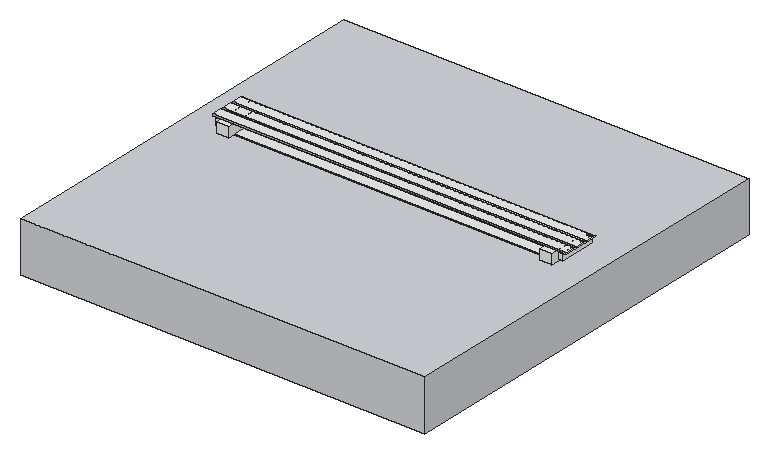
Revit family "Runtal-EB3-120D-120-Volts-84", category Mechanical Equipment, host Face, Revit 2026 (continued)
Definition of nested family "Family Grilles"
  Automatic sketch dimensions
    curve 204 to curve 203 = 0.000 ft
    curve 204 to curve 203 = 0.029167 ft
    curve 205 to curve 206 = 0.000 ft
    curve 206 to curve 205 = 0.029167 ft
    curve 207 to curve 206 = 0.000 ft
    curve 207 to curve 206 = 0.029167 ft
    curve 208 to curve 209 = 0.000 ft
    curve 209 to curve 208 = 0.029167 ft
    curve 210 to curve 209 = 0.000 ft
    curve 210 to curve 209 = 0.029167 ft
    curve 211 to curve 212 = 0.000 ft
    curve 212 to curve 211 = 0.029167 ft
    curve 213 to curve 212 = 0.000 ft
    curve 213 to curve 212 = 0.029167 ft
    curve 214 to curve 215 = 0.000 ft
    curve 215 to curve 214 = 0.029167 ft
    curve 216 to curve 215 = 0.000 ft
    curve 216 to curve 215 = 0.029167 ft
    curve 217 to curve 218 = 0.000 ft
    curve 218 to curve 217 = 0.029167 ft
    curve 219 to curve 218 = 0.000 ft
    curve 219 to curve 218 = 0.029167 ft
    curve 220 to curve 221 = 0.000 ft
    curve 221 to curve 220 = 0.029167 ft
    curve 222 to curve 221 = 0.000 ft
    curve 222 to curve 221 = 0.029167 ft
    curve 223 to curve 224 = 0.000 ft
    curve 224 to curve 223 = 0.029167 ft
    curve 225 to curve 224 = 0.000 ft
    curve 225 to curve 224 = 0.029167 ft
    curve 226 to curve 227 = 0.000 ft
    curve 227 to curve 226 = 0.029167 ft
    curve 228 to curve 227 = 0.000 ft
    curve 228 to curve 227 = 0.029167 ft
    curve 229 to curve 230 = 0.000 ft
    curve 230 to curve 229 = 0.029167 ft
    curve 231 to curve 230 = 0.000 ft
    curve 231 to curve 230 = 0.029167 ft
    curve 232 to curve 233 = 0.000 ft
    curve 233 to curve 232 = 0.029167 ft
    curve 234 to curve 233 = 0.000 ft
    curve 234 to curve 233 = 0.029167 ft
    curve 235 to curve 236 = 0.000 ft
    curve 236 to curve 235 = 0.029167 ft
    curve 237 to curve 236 = 0.000 ft
    curve 237 to curve 236 = 0.029167 ft
    curve 238 to curve 239 = 0.000 ft
    curve 239 to curve 238 = 0.029167 ft
    curve 240 to curve 239 = 0.000 ft
    curve 240 to curve 239 = 0.029167 ft
    curve 241 to curve 242 = 0.000 ft
    curve 242 to curve 241 = 0.029167 ft
    curve 243 to curve 242 = 0.000 ft
    curve 243 to curve 242 = 0.029167 ft
    curve 244 to curve 245 = 0.000 ft
    curve 245 to curve 244 = 0.029167 ft
    curve 246 to curve 245 = 0.000 ft
    curve 246 to curve 245 = 0.029167 ft
    curve 247 to curve 248 = 0.000 ft
    curve 248 to curve 247 = 0.029167 ft
    curve 249 to curve 248 = 0.000 ft
    curve 249 to curve 248 = 0.029167 ft
    curve 250 to curve 251 = 0.000 ft
    curve 251 to curve 250 = 0.029167 ft
    curve 252 to curve 251 = 0.000 ft
    curve 252 to curve 251 = 0.029167 ft
    curve 253 to curve 254 = 0.000 ft
    curve 254 to curve 253 = 0.029167 ft
    curve 255 to curve 254 = 0.000 ft
    curve 255 to curve 254 = 0.029167 ft
    curve 256 to curve 257 = 0.000 ft
    curve 257 to curve 256 = 0.029167 ft
    curve 258 to curve 257 = 0.000 ft
    curve 258 to curve 257 = 0.029167 ft
    curve 259 to curve 260 = 0.000 ft
    curve 260 to curve 259 = 0.029167 ft
    curve 261 to curve 260 = 0.000 ft
    curve 261 to curve 260 = 0.029167 ft
    curve 262 to curve 263 = 0.000 ft
    curve 263 to curve 262 = 0.029167 ft
    curve 264 to curve 263 = 0.000 ft
    curve 264 to curve 263 = 0.029167 ft
    curve 265 to curve 266 = 0.000 ft
    curve 266 to curve 265 = 0.029167 ft
    curve 267 to curve 266 = 0.000 ft
    curve 267 to curve 266 = 0.029167 ft
    curve 268 to curve 269 = 0.000 ft
    curve 269 to curve 268 = 0.029167 ft
    curve 270 to curve 269 = 0.000 ft
    curve 270 to curve 269 = 0.029167 ft
    curve 271 to curve 272 = 0.000 ft
    curve 272 to curve 271 = 0.029167 ft
    curve 273 to curve 272 = 0.000 ft
    curve 273 to curve 272 = 0.029167 ft
    curve 274 to curve 275 = 0.000 ft
    curve 275 to curve 274 = 0.029167 ft
    curve 276 to curve 275 = 0.000 ft
    curve 276 to curve 275 = 0.029167 ft
    curve 277 to curve 278 = 0.000 ft
    curve 278 to curve 277 = 0.029167 ft
    curve 279 to curve 278 = 0.000 ft
    curve 279 to curve 278 = 0.029167 ft
    curve 280 to curve 281 = 0.000 ft
    curve 281 to curve 280 = 0.029167 ft
    curve 282 to curve 281 = 0.000 ft
    curve 282 to curve 281 = 0.029167 ft
    curve 283 to curve 284 = 0.000 ft
    curve 284 to curve 283 = 0.029167 ft
    curve 285 to curve 284 = 0.000 ft
    curve 285 to curve 284 = 0.029167 ft
    curve 286 to curve 287 = 0.000 ft
    curve 287 to curve 286 = 0.029167 ft
    curve 288 to curve 287 = 0.000 ft
    curve 288 to curve 287 = 0.029167 ft
    curve 289 to curve 290 = 0.000 ft
    curve 290 to curve 289 = 0.029167 ft
    curve 291 to curve 290 = 0.000 ft
    curve 291 to curve 290 = 0.029167 ft
    curve 292 to curve 293 = 0.000 ft
    curve 293 to curve 292 = 0.029167 ft
    curve 294 to curve 293 = 0.000 ft
    curve 294 to curve 293 = 0.029167 ft
    curve 295 to curve 296 = 0.000 ft
    curve 296 to curve 295 = 0.029167 ft
    curve 297 to curve 296 = 0.000 ft
    curve 297 to curve 296 = 0.029167 ft
    curve 298 to curve 299 = 0.000 ft
    curve 299 to curve 298 = 0.029167 ft
    curve 300 to curve 299 = 0.000 ft
    curve 300 to curve 299 = 0.029167 ft
    curve 301 to curve 302 = 0.000 ft
    curve 302 to curve 301 = 0.029167 ft
    curve 303 to curve 302 = 0.000 ft
    curve 303 to curve 302 = 0.029167 ft
    curve 304 to curve 305 = 0.000 ft
    curve 305 to curve 304 = 0.029167 ft
    curve 306 to curve 305 = 0.000 ft
    curve 306 to curve 305 = 0.029167 ft
    curve 307 to curve 308 = 0.000 ft
    curve 308 to curve 307 = 0.029167 ft
    curve 309 to curve 308 = 0.000 ft
    curve 309 to curve 308 = 0.029167 ft
    curve 310 to curve 311 = 0.000 ft
    curve 311 to curve 310 = 0.029167 ft
    curve 312 to curve 311 = 0.000 ft
    curve 312 to curve 311 = 0.029167 ft
    curve 313 to curve 314 = 0.000 ft
    curve 314 to curve 313 = 0.029167 ft
    curve 315 to curve 314 = 0.000 ft
    curve 315 to curve 314 = 0.029167 ft
    curve 316 to curve 317 = 0.000 ft
    curve 317 to curve 316 = 0.029167 ft
    curve 318 to curve 317 = 0.000 ft
    curve 318 to curve 317 = 0.029167 ft
    curve 319 to curve 320 = 0.000 ft
    curve 320 to curve 319 = 0.029167 ft
    curve 321 to curve 320 = 0.000 ft
    curve 321 to curve 320 = 0.029167 ft
    curve 322 to curve 323 = 0.000 ft
    curve 323 to curve 322 = 0.029167 ft
    curve 324 to curve 323 = 0.000 ft
    curve 324 to curve 323 = 0.029167 ft
    curve 325 to curve 326 = 0.000 ft
    curve 326 to curve 325 = 0.029167 ft
    curve 327 to curve 326 = 0.000 ft
    curve 327 to curve 326 = 0.029167 ft
    curve 328 to curve 329 = 0.000 ft
    curve 329 to curve 328 = 0.029167 ft
    curve 330 to curve 329 = 0.000 ft
    curve 330 to curve 329 = 0.029167 ft
    curve 331 to curve 332 = 0.000 ft
    curve 332 to curve 331 = 0.029167 ft
    curve 333 to curve 332 = 0.000 ft
    curve 333 to curve 332 = 0.029167 ft
    curve 334 to curve 335 = 0.000 ft
    curve 335 to curve 334 = 0.029167 ft
    curve 336 to curve 335 = 0.000 ft
    curve 336 to curve 335 = 0.029167 ft
    curve 337 to curve 338 = 0.000 ft
    curve 338 to curve 337 = 0.029167 ft
    curve 339 to curve 338 = 0.000 ft
    curve 339 to curve 338 = 0.029167 ft
    curve 340 to curve 341 = 0.000 ft
    curve 341 to curve 340 = 0.029167 ft
    curve 342 to curve 341 = 0.000 ft
    curve 342 to curve 341 = 0.029167 ft
    curve 343 to curve 344 = 0.000 ft
    curve 344 to curve 343 = 0.029167 ft
    curve 345 to curve 344 = 0.000 ft
    curve 345 to curve 344 = 0.029167 ft
    curve 346 to curve 347 = 0.000 ft
    curve 347 to curve 346 = 0.029167 ft
    curve 348 to curve 347 = 0.000 ft
    curve 348 to curve 347 = 0.029167 ft
    curve 349 to curve 350 = 0.000 ft
    curve 350 to curve 349 = 0.029167 ft
    curve 351 to curve 350 = 0.000 ft
    curve 351 to curve 350 = 0.029167 ft
    curve 352 to curve 353 = 0.000 ft
    curve 353 to curve 352 = 0.029167 ft
    curve 354 to curve 353 = 0.000 ft
    curve 354 to curve 353 = 0.029167 ft
    curve 355 to curve 356 = 0.000 ft
    curve 356 to curve 355 = 0.029167 ft
    curve 357 to curve 356 = 0.000 ft
    curve 357 to curve 356 = 0.029167 ft
    curve 358 to curve 359 = 0.000 ft
    curve 359 to curve 358 = 0.029167 ft
    curve 360 to curve 359 = 0.000 ft
    curve 360 to curve 359 = 0.029167 ft
    curve 361 to curve 362 = 0.000 ft
    curve 362 to curve 361 = 0.029167 ft
    curve 363 to curve 362 = 0.000 ft
    curve 363 to curve 362 = 0.029167 ft
    curve 364 to curve 365 = 0.000 ft
    curve 365 to curve 364 = 0.029167 ft
    curve 366 to curve 365 = 0.000 ft
    curve 366 to curve 365 = 0.029167 ft
    curve 367 to curve 368 = 0.000 ft
    curve 368 to curve 367 = 0.029167 ft
    curve 369 to curve 368 = 0.000 ft
    curve 369 to curve 368 = 0.029167 ft
    curve 370 to curve 371 = 0.000 ft
    curve 371 to curve 370 = 0.029167 ft
    curve 372 to curve 371 = 0.000 ft
    curve 372 to curve 371 = 0.029167 ft
    curve 373 to curve 374 = 0.000 ft
    curve 374 to curve 373 = 0.029167 ft
    curve 375 to curve 374 = 0.000 ft
    curve 375 to curve 374 = 0.029167 ft
    curve 376 to curve 377 = 0.000 ft
    curve 377 to curve 376 = 0.029167 ft
    curve 378 to curve 377 = 0.000 ft
    curve 378 to curve 377 = 0.029167 ft
    curve 379 to curve 380 = 0.000 ft
    curve 380 to curve 379 = 0.029167 ft
    curve 381 to curve 380 = 0.000 ft
    curve 381 to curve 380 = 0.029167 ft
    curve 382 to curve 383 = 0.000 ft
    curve 383 to curve 382 = 0.029167 ft
    curve 384 to curve 383 = 0.000 ft
    curve 384 to curve 383 = 0.029167 ft
    curve 385 to curve 386 = 0.000 ft
    curve 386 to curve 385 = 0.029167 ft
    curve 387 to curve 386 = 0.000 ft
    curve 387 to curve 386 = 0.029167 ft
    curve 388 to curve 389 = 0.000 ft
    curve 389 to curve 388 = 0.029167 ft
    curve 390 to curve 389 = 0.000 ft
    curve 390 to curve 389 = 0.029167 ft
    curve 391 to curve 392 = 0.000 ft
    curve 392 to curve 391 = 0.029167 ft
    curve 393 to curve 392 = 0.000 ft
    curve 393 to curve 392 = 0.029167 ft
    curve 394 to curve 395 = 0.000 ft
    curve 395 to curve 394 = 0.029167 ft
    curve 396 to curve 395 = 0.000 ft
    curve 396 to curve 395 = 0.029167 ft
    curve 397 to curve 398 = 0.000 ft
    curve 398 to curve 397 = 0.029167 ft
    curve 399 to curve 398 = 0.000 ft
    curve 399 to curve 398 = 0.029167 ft
    curve 400 to curve 401 = 0.000 ft
    curve 401 to curve 400 = 0.029167 ft
    curve 402 to curve 401 = 0.000 ft
    curve 402 to curve 401 = 0.029167 ft
    curve 403 to curve 404 = 0.000 ft
    curve 404 to curve 403 = 0.029167 ft
    curve 405 to curve 404 = 0.000 ft
    curve 405 to curve 404 = 0.029167 ft
    curve 406 to curve 407 = 0.000 ft
    curve 407 to curve 406 = 0.029167 ft
    curve 408 to curve 407 = 0.000 ft
    curve 408 to curve 407 = 0.029167 ft
    curve 409 to curve 410 = 0.000 ft
    curve 410 to curve 409 = 0.029167 ft
    curve 411 to curve 410 = 0.000 ft
    curve 411 to curve 410 = 0.029167 ft
    curve 412 to curve 413 = 0.000 ft
    curve 413 to curve 412 = 0.029167 ft
    curve 414 to curve 413 = 0.000 ft
    curve 414 to curve 413 = 0.029167 ft
    curve 415 to curve 416 = 0.000 ft
    curve 416 to curve 415 = 0.029167 ft
    curve 417 to curve 416 = 0.000 ft
    curve 417 to curve 416 = 0.029167 ft
    curve 418 to curve 419 = 0.000 ft
    curve 419 to curve 418 = 0.029167 ft
    curve 420 to curve 419 = 0.000 ft
    curve 420 to curve 419 = 0.029167 ft
    curve 421 to curve 422 = 0.000 ft
    curve 422 to curve 421 = 0.029167 ft
    curve 423 to curve 422 = 0.000 ft
    curve 423 to curve 422 = 0.029167 ft
    curve 424 to curve 425 = 0.000 ft
    curve 425 to curve 424 = 0.029167 ft
    curve 426 to curve 425 = 0.000 ft
    curve 426 to curve 425 = 0.029167 ft
    curve 427 to curve 428 = 0.000 ft
    curve 428 to curve 427 = 0.029167 ft
    curve 429 to curve 428 = 0.000 ft
    curve 429 to curve 428 = 0.029167 ft
    curve 430 to curve 431 = 0.000 ft
    curve 431 to curve 430 = 0.029167 ft
    curve 432 to curve 431 = 0.000 ft
    curve 432 to curve 431 = 0.029167 ft
    curve 433 to curve 434 = 0.000 ft
    curve 434 to curve 433 = 0.029167 ft
    curve 435 to curve 434 = 0.000 ft
    curve 435 to curve 434 = 0.029167 ft
    curve 436 to curve 437 = 0.000 ft
    curve 437 to curve 436 = 0.029167 ft
    curve 438 to curve 437 = 0.000 ft
    curve 438 to curve 437 = 0.029167 ft
    curve 439 to curve 440 = 0.000 ft
    curve 440 to curve 439 = 0.029167 ft
    curve 441 to curve 440 = 0.000 ft
    curve 441 to curve 440 = 0.029167 ft
    curve 442 to curve 443 = 0.000 ft
    curve 443 to curve 442 = 0.029167 ft
    curve 444 to curve 443 = 0.000 ft
    curve 444 to curve 443 = 0.029167 ft
    curve 445 to curve 446 = 0.000 ft
    curve 446 to curve 445 = 0.029167 ft
    curve 447 to curve 446 = 0.000 ft
    curve 447 to curve 446 = 0.029167 ft
    curve 448 to curve 449 = 0.000 ft
    curve 449 to curve 448 = 0.029167 ft
    curve 450 to curve 449 = 0.000 ft
    curve 450 to curve 449 = 0.029167 ft
    curve 451 to curve 452 = 0.000 ft
    curve 452 to curve 451 = 0.029167 ft
    curve 453 to curve 452 = 0.000 ft
    curve 453 to curve 452 = 0.029167 ft
    curve 454 to curve 455 = 0.000 ft
    curve 455 to curve 454 = 0.029167 ft
    curve 456 to curve 455 = 0.000 ft
    curve 456 to curve 455 = 0.029167 ft
    curve 457 to curve 458 = 0.000 ft
    curve 458 to curve 457 = 0.029167 ft
    curve 459 to curve 458 = 0.000 ft
    curve 459 to curve 458 = 0.029167 ft
    curve 460 to curve 461 = 0.000 ft
    curve 461 to curve 460 = 0.029167 ft
    curve 462 to curve 461 = 0.000 ft
    curve 462 to curve 461 = 0.029167 ft
    curve 463 to curve 464 = 0.000 ft
    curve 464 to curve 463 = 0.029167 ft
    curve 465 to curve 464 = 0.000 ft
    curve 465 to curve 464 = 0.029167 ft
    curve 466 to curve 467 = 0.000 ft
    curve 467 to curve 466 = 0.029167 ft
    curve 468 to curve 467 = 0.000 ft
    curve 468 to curve 467 = 0.029167 ft
    curve 469 to curve 470 = 0.000 ft
    curve 470 to curve 469 = 0.029167 ft
    curve 471 to curve 470 = 0.000 ft
    curve 471 to curve 470 = 0.029167 ft
    curve 472 to curve 473 = 0.000 ft
    curve 473 to curve 472 = 0.029167 ft
    curve 474 to curve 473 = 0.000 ft
    curve 474 to curve 473 = 0.029167 ft
    curve 475 to curve 476 = 0.000 ft
    curve 476 to curve 475 = 0.029167 ft
    curve 477 to curve 476 = 0.000 ft
    curve 477 to curve 476 = 0.029167 ft
    curve 478 to curve 479 = 0.000 ft
    curve 479 to curve 478 = 0.029167 ft
    curve 480 to curve 479 = 0.000 ft
    curve 480 to curve 479 = 0.029167 ft
    curve 481 to curve 482 = 0.000 ft
    curve 482 to curve 481 = 0.029167 ft
    curve 483 to curve 482 = 0.000 ft
    curve 483 to curve 482 = 0.029167 ft
    curve 484 to curve 485 = 0.000 ft
    curve 485 to curve 484 = 0.029167 ft
    curve 486 to curve 485 = 0.000 ft
    curve 486 to curve 485 = 0.029167 ft
    curve 487 to curve 488 = 0.000 ft
    curve 488 to curve 487 = 0.029167 ft
    curve 489 to curve 488 = 0.000 ft
    curve 489 to curve 488 = 0.029167 ft
    curve 490 to curve 491 = 0.000 ft
    curve 491 to curve 490 = 0.029167 ft
    curve 492 to curve 491 = 0.000 ft
    curve 492 to curve 491 = 0.029167 ft
    curve 493 to curve 494 = 0.000 ft
    curve 494 to curve 493 = 0.029167 ft
    curve 495 to curve 494 = 0.000 ft
    curve 495 to curve 494 = 0.029167 ft
    curve 496 to curve 497 = 0.000 ft
    curve 497 to curve 496 = 0.029167 ft
    curve 498 to curve 497 = 0.000 ft
    curve 498 to curve 497 = 0.029167 ft
    curve 499 to curve 500 = 0.000 ft
    curve 500 to curve 499 = 0.029167 ft
    curve 501 to curve 500 = 0.000 ft
    curve 501 to curve 500 = 0.029167 ft
    curve 502 to curve 503 = 0.000 ft
    curve 503 to curve 502 = 0.029167 ft
    curve 504 to curve 503 = 0.000 ft
    curve 504 to curve 503 = 0.029167 ft
    curve 505 to curve 506 = 0.000 ft
    curve 506 to curve 505 = 0.029167 ft
    curve 507 to curve 506 = 0.000 ft
    curve 507 to curve 506 = 0.029167 ft
    curve 508 to curve 509 = 0.000 ft
    curve 509 to curve 508 = 0.029167 ft
    curve 510 to curve 509 = 0.000 ft
    curve 510 to curve 509 = 0.029167 ft
    curve 511 to curve 512 = 0.000 ft
    curve 512 to curve 511 = 0.029167 ft
    curve 513 to curve 512 = 0.000 ft
    curve 513 to curve 512 = 0.029167 ft
    curve 514 to plane 3 "Center (Left/Right)" = 0.000 ft
    plane 3 "Center (Left/Right)" to curve 514 = 0.008333 ft
    curve 514 to plane 1 "Center (Front/Back)" = 0.08125 ft
    radius of curve 1 = 0.004167 ft
    radius of curve 2 = 0.004167 ft
    radius of curve 3 = 0.004167 ft
    radius of curve 7 = 0.004167 ft
    radius of curve 8 = 0.004167 ft
    radius of curve 9 = 0.004167 ft
    radius of curve 4 = 0.004167 ft
    radius of curve 5 = 0.004167 ft
    radius of curve 6 = 0.004167 ft
    radius of curve 10 = 0.004167 ft
    radius of curve 11 = 0.004167 ft
    radius of curve 12 = 0.004167 ft
    radius of curve 13 = 0.004167 ft
    radius of curve 14 = 0.004167 ft
    radius of curve 15 = 0.004167 ft
    radius of curve 16 = 0.004167 ft
    radius of curve 17 = 0.004167 ft
    radius of curve 18 = 0.004167 ft
    radius of curve 19 = 0.004167 ft
    radius of curve 20 = 0.004167 ft
    radius of curve 21 = 0.004167 ft
    radius of curve 22 = 0.004167 ft
    radius of curve 23 = 0.004167 ft
    radius of curve 24 = 0.004167 ft
    radius of curve 25 = 0.004167 ft
    radius of curve 26 = 0.004167 ft
    radius of curve 27 = 0.004167 ft
    radius of curve 28 = 0.004167 ft
    radius of curve 29 = 0.004167 ft
    radius of curve 30 = 0.004167 ft
    radius of curve 31 = 0.004167 ft
    radius of curve 32 = 0.004167 ft
    radius of curve 33 = 0.004167 ft
    radius of curve 34 = 0.004167 ft
    radius of curve 35 = 0.004167 ft
    radius of curve 36 = 0.004167 ft
    radius of curve 37 = 0.004167 ft
    radius of curve 38 = 0.004167 ft
    radius of curve 39 = 0.004167 ft
    radius of curve 40 = 0.004167 ft
    radius of curve 41 = 0.004167 ft
    radius of curve 42 = 0.004167 ft
    radius of curve 43 = 0.004167 ft
    radius of curve 44 = 0.004167 ft
    radius of curve 45 = 0.004167 ft
    radius of curve 46 = 0.004167 ft
    radius of curve 47 = 0.004167 ft
    radius of curve 48 = 0.004167 ft
    radius of curve 49 = 0.004167 ft
    radius of curve 50 = 0.004167 ft
    radius of curve 51 = 0.004167 ft
    radius of curve 52 = 0.004167 ft
    radius of curve 53 = 0.004167 ft
    radius of curve 54 = 0.004167 ft
    radius of curve 55 = 0.004167 ft
    radius of curve 56 = 0.004167 ft
    radius of curve 57 = 0.004167 ft
    radius of curve 58 = 0.004167 ft
    radius of curve 59 = 0.004167 ft
    radius of curve 60 = 0.004167 ft
    radius of curve 61 = 0.004167 ft
    radius of curve 62 = 0.004167 ft
    radius of curve 63 = 0.004167 ft
    radius of curve 64 = 0.004167 ft
    radius of curve 65 = 0.004167 ft
    radius of curve 66 = 0.004167 ft
    radius of curve 67 = 0.004167 ft
    radius of curve 68 = 0.004167 ft
    radius of curve 69 = 0.004167 ft
    radius of curve 70 = 0.004167 ft
    radius of curve 71 = 0.004167 ft
    radius of curve 72 = 0.004167 ft
    radius of curve 73 = 0.004167 ft
    radius of curve 74 = 0.004167 ft
    radius of curve 75 = 0.004167 ft
    radius of curve 76 = 0.004167 ft
    radius of curve 77 = 0.004167 ft
    radius of curve 78 = 0.004167 ft
    radius of curve 79 = 0.004167 ft
    radius of curve 80 = 0.004167 ft
    radius of curve 81 = 0.004167 ft
    radius of curve 82 = 0.004167 ft
    radius of curve 83 = 0.004167 ft
    radius of curve 84 = 0.004167 ft
    radius of curve 85 = 0.004167 ft
    radius of curve 86 = 0.004167 ft
    radius of curve 87 = 0.004167 ft
    radius of curve 88 = 0.004167 ft
    radius of curve 89 = 0.004167 ft
    radius of curve 90 = 0.004167 ft
    radius of curve 91 = 0.004167 ft
    radius of curve 92 = 0.004167 ft
    radius of curve 93 = 0.004167 ft
    radius of curve 94 = 0.004167 ft
    radius of curve 95 = 0.004167 ft
    radius of curve 96 = 0.004167 ft
    radius of curve 97 = 0.004167 ft
    radius of curve 98 = 0.004167 ft
    radius of curve 99 = 0.004167 ft
    radius of curve 100 = 0.004167 ft
    radius of curve 101 = 0.004167 ft
    radius of curve 102 = 0.004167 ft
    radius of curve 103 = 0.004167 ft
    radius of curve 104 = 0.004167 ft
    radius of curve 105 = 0.004167 ft
    radius of curve 106 = 0.004167 ft
    radius of curve 107 = 0.004167 ft
    radius of curve 108 = 0.004167 ft
    radius of curve 109 = 0.004167 ft
    radius of curve 110 = 0.004167 ft
    radius of curve 111 = 0.004167 ft
    radius of curve 112 = 0.004167 ft
    radius of curve 113 = 0.004167 ft
    radius of curve 114 = 0.004167 ft
    radius of curve 115 = 0.004167 ft
    radius of curve 116 = 0.004167 ft
    radius of curve 117 = 0.004167 ft
    radius of curve 118 = 0.004167 ft
    radius of curve 119 = 0.004167 ft
    radius of curve 120 = 0.004167 ft
    radius of curve 121 = 0.004167 ft
    radius of curve 122 = 0.004167 ft
    radius of curve 123 = 0.004167 ft
    radius of curve 124 = 0.004167 ft
    radius of curve 125 = 0.004167 ft
    radius of curve 126 = 0.004167 ft
    radius of curve 127 = 0.004167 ft
    radius of curve 128 = 0.004167 ft
    radius of curve 129 = 0.004167 ft
    radius of curve 130 = 0.004167 ft
    radius of curve 131 = 0.004167 ft
    radius of curve 132 = 0.004167 ft
    radius of curve 133 = 0.004167 ft
    radius of curve 134 = 0.004167 ft
    radius of curve 135 = 0.004167 ft
    radius of curve 136 = 0.004167 ft
    radius of curve 137 = 0.004167 ft
    radius of curve 138 = 0.004167 ft
    radius of curve 139 = 0.004167 ft
    radius of curve 140 = 0.004167 ft
    radius of curve 141 = 0.004167 ft
    radius of curve 142 = 0.004167 ft
    radius of curve 143 = 0.004167 ft
    radius of curve 144 = 0.004167 ft
    radius of curve 145 = 0.004167 ft
    radius of curve 146 = 0.004167 ft
    radius of curve 147 = 0.004167 ft
    radius of curve 148 = 0.004167 ft
    radius of curve 149 = 0.004167 ft
    radius of curve 150 = 0.004167 ft
    radius of curve 151 = 0.004167 ft
    radius of curve 152 = 0.004167 ft
    radius of curve 153 = 0.004167 ft
    radius of curve 154 = 0.004167 ft
    radius of curve 155 = 0.004167 ft
    radius of curve 156 = 0.004167 ft
    radius of curve 157 = 0.004167 ft
    radius of curve 158 = 0.004167 ft
    radius of curve 159 = 0.004167 ft
    radius of curve 160 = 0.004167 ft
    radius of curve 161 = 0.004167 ft
    radius of curve 162 = 0.004167 ft
    radius of curve 163 = 0.004167 ft
    radius of curve 164 = 0.004167 ft
    radius of curve 165 = 0.004167 ft
    radius of curve 166 = 0.004167 ft
    radius of curve 167 = 0.004167 ft
    radius of curve 168 = 0.004167 ft
    radius of curve 169 = 0.004167 ft
    radius of curve 170 = 0.004167 ft
    radius of curve 171 = 0.004167 ft
    radius of curve 172 = 0.004167 ft
    radius of curve 173 = 0.004167 ft
    radius of curve 174 = 0.004167 ft
    radius of curve 175 = 0.004167 ft
    radius of curve 176 = 0.004167 ft
    radius of curve 177 = 0.004167 ft
    radius of curve 178 = 0.004167 ft
    radius of curve 179 = 0.004167 ft
    radius of curve 180 = 0.004167 ft
    radius of curve 181 = 0.004167 ft
    radius of curve 182 = 0.004167 ft
    radius of curve 183 = 0.004167 ft
    radius of curve 184 = 0.004167 ft
    radius of curve 185 = 0.004167 ft
    radius of curve 186 = 0.004167 ft
    radius of curve 187 = 0.004167 ft
    radius of curve 188 = 0.004167 ft
    radius of curve 189 = 0.004167 ft
    radius of curve 190 = 0.004167 ft
    radius of curve 191 = 0.004167 ft
    radius of curve 192 = 0.004167 ft
    radius of curve 193 = 0.004167 ft
    radius of curve 194 = 0.004167 ft
    radius of curve 195 = 0.004167 ft
    radius of curve 196 = 0.004167 ft
    radius of curve 197 = 0.004167 ft
    radius of curve 198 = 0.004167 ft
    radius of curve 199 = 0.004167 ft
    radius of curve 200 = 0.004167 ft
    radius of curve 201 = 0.004167 ft
    radius of curve 202 = 0.004167 ft
    radius of curve 203 = 0.004167 ft
    radius of curve 204 = 0.004167 ft
    radius of curve 205 = 0.004167 ft
    radius of curve 206 = 0.004167 ft
    radius of curve 207 = 0.004167 ft
    radius of curve 208 = 0.004167 ft
    radius of curve 209 = 0.004167 ft
    radius of curve 210 = 0.004167 ft
    radius of curve 211 = 0.004167 ft
    radius of curve 212 = 0.004167 ft
    radius of curve 213 = 0.004167 ft
    radius of curve 214 = 0.004167 ft
    radius of curve 215 = 0.004167 ft
    radius of curve 216 = 0.004167 ft
    radius of curve 217 = 0.004167 ft
    radius of curve 218 = 0.004167 ft
    radius of curve 219 = 0.004167 ft
    radius of curve 220 = 0.004167 ft
    radius of curve 221 = 0.004167 ft
    radius of curve 222 = 0.004167 ft
    radius of curve 223 = 0.004167 ft
    radius of curve 224 = 0.004167 ft
    radius of curve 225 = 0.004167 ft
    radius of curve 226 = 0.004167 ft
    radius of curve 227 = 0.004167 ft
    radius of curve 228 = 0.004167 ft
    radius of curve 229 = 0.004167 ft
    radius of curve 230 = 0.004167 ft
    radius of curve 231 = 0.004167 ft
    radius of curve 232 = 0.004167 ft
    radius of curve 233 = 0.004167 ft
    radius of curve 234 = 0.004167 ft
    radius of curve 235 = 0.004167 ft
    radius of curve 236 = 0.004167 ft
    radius of curve 237 = 0.004167 ft
    radius of curve 238 = 0.004167 ft
    radius of curve 239 = 0.004167 ft
    radius of curve 240 = 0.004167 ft
    radius of curve 241 = 0.004167 ft
    radius of curve 242 = 0.004167 ft
    radius of curve 243 = 0.004167 ft
    radius of curve 244 = 0.004167 ft
    radius of curve 245 = 0.004167 ft
    radius of curve 246 = 0.004167 ft
    radius of curve 247 = 0.004167 ft
    radius of curve 248 = 0.004167 ft
    radius of curve 249 = 0.004167 ft
    radius of curve 250 = 0.004167 ft
    radius of curve 251 = 0.004167 ft
    radius of curve 252 = 0.004167 ft
    radius of curve 253 = 0.004167 ft
    radius of curve 254 = 0.004167 ft
    radius of curve 255 = 0.004167 ft
    radius of curve 256 = 0.004167 ft
    radius of curve 257 = 0.004167 ft
    radius of curve 258 = 0.004167 ft
    radius of curve 259 = 0.004167 ft
    radius of curve 260 = 0.004167 ft
    radius of curve 261 = 0.004167 ft
    radius of curve 262 = 0.004167 ft
    radius of curve 263 = 0.004167 ft
    radius of curve 264 = 0.004167 ft
    radius of curve 265 = 0.004167 ft
    radius of curve 266 = 0.004167 ft
    radius of curve 267 = 0.004167 ft
    radius of curve 268 = 0.004167 ft
    radius of curve 269 = 0.004167 ft
    radius of curve 270 = 0.004167 ft
    radius of curve 271 = 0.004167 ft
    radius of curve 272 = 0.004167 ft
    radius of curve 273 = 0.004167 ft
    radius of curve 274 = 0.004167 ft
    radius of curve 275 = 0.004167 ft
    radius of curve 276 = 0.004167 ft
    radius of curve 277 = 0.004167 ft
    radius of curve 278 = 0.004167 ft
    radius of curve 279 = 0.004167 ft
    radius of curve 280 = 0.004167 ft
    radius of curve 281 = 0.004167 ft
    radius of curve 282 = 0.004167 ft
    radius of curve 283 = 0.004167 ft
    radius of curve 284 = 0.004167 ft
    radius of curve 285 = 0.004167 ft
    radius of curve 286 = 0.004167 ft
    radius of curve 287 = 0.004167 ft
    radius of curve 288 = 0.004167 ft
    radius of curve 289 = 0.004167 ft
    radius of curve 290 = 0.004167 ft
    radius of curve 291 = 0.004167 ft
    radius of curve 292 = 0.004167 ft
    radius of curve 293 = 0.004167 ft
    radius of curve 294 = 0.004167 ft
    radius of curve 295 = 0.004167 ft
    radius of curve 296 = 0.004167 ft
    radius of curve 297 = 0.004167 ft
    radius of curve 298 = 0.004167 ft
    radius of curve 299 = 0.004167 ft
    radius of curve 300 = 0.004167 ft
    radius of curve 301 = 0.004167 ft
    radius of curve 302 = 0.004167 ft
    radius of curve 303 = 0.004167 ft
    radius of curve 304 = 0.004167 ft
    radius of curve 305 = 0.004167 ft
    radius of curve 306 = 0.004167 ft
    radius of curve 307 = 0.004167 ft
    radius of curve 308 = 0.004167 ft
    radius of curve 309 = 0.004167 ft
    radius of curve 310 = 0.004167 ft
    radius of curve 311 = 0.004167 ft
    radius of curve 312 = 0.004167 ft
    radius of curve 313 = 0.004167 ft
    radius of curve 314 = 0.004167 ft
    radius of curve 315 = 0.004167 ft
    radius of curve 316 = 0.004167 ft
    radius of curve 317 = 0.004167 ft
    radius of curve 318 = 0.004167 ft
    radius of curve 319 = 0.004167 ft
    radius of curve 320 = 0.004167 ft
    radius of curve 321 = 0.004167 ft
    radius of curve 322 = 0.004167 ft
    radius of curve 323 = 0.004167 ft
    radius of curve 324 = 0.004167 ft
    radius of curve 325 = 0.004167 ft
    radius of curve 326 = 0.004167 ft
    radius of curve 327 = 0.004167 ft
    radius of curve 328 = 0.004167 ft
    radius of curve 329 = 0.004167 ft
    radius of curve 330 = 0.004167 ft
    radius of curve 331 = 0.004167 ft
    radius of curve 332 = 0.004167 ft
    radius of curve 333 = 0.004167 ft
    radius of curve 334 = 0.004167 ft
    radius of curve 335 = 0.004167 ft
    radius of curve 336 = 0.004167 ft
    radius of curve 337 = 0.004167 ft
    radius of curve 338 = 0.004167 ft
    radius of curve 339 = 0.004167 ft
    radius of curve 340 = 0.004167 ft
    radius of curve 341 = 0.004167 ft
    radius of curve 342 = 0.004167 ft
    radius of curve 343 = 0.004167 ft
    radius of curve 344 = 0.004167 ft
    radius of curve 345 = 0.004167 ft
    radius of curve 346 = 0.004167 ft
    radius of curve 347 = 0.004167 ft
    radius of curve 348 = 0.004167 ft
    radius of curve 349 = 0.004167 ft
    radius of curve 350 = 0.004167 ft
    radius of curve 351 = 0.004167 ft
    radius of curve 352 = 0.004167 ft
    radius of curve 353 = 0.004167 ft
    radius of curve 354 = 0.004167 ft
    radius of curve 355 = 0.004167 ft
    radius of curve 356 = 0.004167 ft
    radius of curve 357 = 0.004167 ft
    radius of curve 358 = 0.004167 ft
    radius of curve 359 = 0.004167 ft
    radius of curve 360 = 0.004167 ft
    radius of curve 361 = 0.004167 ft
    radius of curve 362 = 0.004167 ft
    radius of curve 363 = 0.004167 ft
    radius of curve 364 = 0.004167 ft
    radius of curve 365 = 0.004167 ft
    radius of curve 366 = 0.004167 ft
    radius of curve 367 = 0.004167 ft
    radius of curve 368 = 0.004167 ft
    radius of curve 369 = 0.004167 ft
    radius of curve 370 = 0.004167 ft
    radius of curve 371 = 0.004167 ft
    radius of curve 372 = 0.004167 ft
    radius of curve 373 = 0.004167 ft
    radius of curve 374 = 0.004167 ft
    radius of curve 375 = 0.004167 ft
    radius of curve 376 = 0.004167 ft
    radius of curve 377 = 0.004167 ft
    radius of curve 378 = 0.004167 ft
    radius of curve 379 = 0.004167 ft
    radius of curve 380 = 0.004167 ft
    radius of curve 381 = 0.004167 ft
    radius of curve 382 = 0.004167 ft
    radius of curve 383 = 0.004167 ft
    radius of curve 384 = 0.004167 ft
    radius of curve 385 = 0.004167 ft
    radius of curve 386 = 0.004167 ft
    radius of curve 387 = 0.004167 ft
    radius of curve 388 = 0.004167 ft
    radius of curve 389 = 0.004167 ft
    radius of curve 390 = 0.004167 ft
    radius of curve 391 = 0.004167 ft
    radius of curve 392 = 0.004167 ft
    radius of curve 393 = 0.004167 ft
    radius of curve 394 = 0.004167 ft
    radius of curve 395 = 0.004167 ft
    radius of curve 396 = 0.004167 ft
    radius of curve 397 = 0.004167 ft
    radius of curve 398 = 0.004167 ft
    radius of curve 399 = 0.004167 ft
    radius of curve 400 = 0.004167 ft
    radius of curve 401 = 0.004167 ft
    radius of curve 402 = 0.004167 ft
    radius of curve 403 = 0.004167 ft
    radius of curve 404 = 0.004167 ft
    radius of curve 405 = 0.004167 ft
    radius of curve 406 = 0.004167 ft
    radius of curve 407 = 0.004167 ft
    radius of curve 408 = 0.004167 ft
    radius of curve 409 = 0.004167 ft
    radius of curve 410 = 0.004167 ft
    radius of curve 411 = 0.004167 ft
    radius of curve 412 = 0.004167 ft
    radius of curve 413 = 0.004167 ft
    radius of curve 414 = 0.004167 ft
    radius of curve 415 = 0.004167 ft
    radius of curve 416 = 0.004167 ft
    radius of curve 417 = 0.004167 ft
    radius of curve 418 = 0.004167 ft
    radius of curve 419 = 0.004167 ft
    radius of curve 420 = 0.004167 ft
    radius of curve 421 = 0.004167 ft
    radius of curve 422 = 0.004167 ft
    radius of curve 423 = 0.004167 ft
    radius of curve 424 = 0.004167 ft
    radius of curve 425 = 0.004167 ft
    radius of curve 426 = 0.004167 ft
    radius of curve 427 = 0.004167 ft
    radius of curve 428 = 0.004167 ft
    radius of curve 429 = 0.004167 ft
    radius of curve 430 = 0.004167 ft
    radius of curve 431 = 0.004167 ft
    radius of curve 432 = 0.004167 ft
    radius of curve 433 = 0.004167 ft
    radius of curve 434 = 0.004167 ft
    radius of curve 435 = 0.004167 ft
    radius of curve 436 = 0.004167 ft
    radius of curve 437 = 0.004167 ft
    radius of curve 438 = 0.004167 ft
    radius of curve 439 = 0.004167 ft
    radius of curve 440 = 0.004167 ft
    radius of curve 441 = 0.004167 ft
    radius of curve 442 = 0.004167 ft
    radius of curve 443 = 0.004167 ft
    radius of curve 444 = 0.004167 ft
    radius of curve 445 = 0.004167 ft
    radius of curve 446 = 0.004167 ft
    radius of curve 447 = 0.004167 ft
    radius of curve 448 = 0.004167 ft
    radius of curve 449 = 0.004167 ft
    radius of curve 450 = 0.004167 ft
    radius of curve 451 = 0.004167 ft
    radius of curve 452 = 0.004167 ft
    radius of curve 453 = 0.004167 ft
    radius of curve 454 = 0.004167 ft
    radius of curve 455 = 0.004167 ft
    radius of curve 456 = 0.004167 ft
    radius of curve 457 = 0.004167 ft
    radius of curve 458 = 0.004167 ft
    radius of curve 459 = 0.004167 ft
    radius of curve 460 = 0.004167 ft
    radius of curve 461 = 0.004167 ft
    radius of curve 462 = 0.004167 ft
    radius of curve 463 = 0.004167 ft
    radius of curve 464 = 0.004167 ft
    radius of curve 465 = 0.004167 ft
    radius of curve 466 = 0.004167 ft
    radius of curve 467 = 0.004167 ft
    radius of curve 468 = 0.004167 ft
    radius of curve 469 = 0.004167 ft
    radius of curve 470 = 0.004167 ft
    radius of curve 471 = 0.004167 ft
    radius of curve 472 = 0.004167 ft
    radius of curve 473 = 0.004167 ft
    radius of curve 474 = 0.004167 ft
    radius of curve 475 = 0.004167 ft
    radius of curve 476 = 0.004167 ft
    radius of curve 477 = 0.004167 ft
    radius of curve 478 = 0.004167 ft
    radius of curve 479 = 0.004167 ft
    radius of curve 480 = 0.004167 ft
    radius of curve 481 = 0.004167 ft
    radius of curve 482 = 0.004167 ft
    radius of curve 483 = 0.004167 ft
    radius of curve 484 = 0.004167 ft
    radius of curve 485 = 0.004167 ft
    radius of curve 486 = 0.004167 ft
    radius of curve 487 = 0.004167 ft
    radius of curve 488 = 0.004167 ft
    radius of curve 489 = 0.004167 ft
    radius of curve 490 = 0.004167 ft
    radius of curve 491 = 0.004167 ft
    radius of curve 492 = 0.004167 ft
    radius of curve 493 = 0.004167 ft
    radius of curve 494 = 0.004167 ft
    radius of curve 495 = 0.004167 ft
    radius of curve 496 = 0.004167 ft
    radius of curve 497 = 0.004167 ft
    radius of curve 498 = 0.004167 ft
    radius of curve 499 = 0.004167 ft
    radius of curve 500 = 0.004167 ft
    radius of curve 501 = 0.004167 ft
    radius of curve 502 = 0.004167 ft
    radius of curve 503 = 0.004167 ft
    radius of curve 504 = 0.004167 ft
    radius of curve 505 = 0.004167 ft
    radius of curve 506 = 0.004167 ft
    radius of curve 507 = 0.004167 ft
    radius of curve 508 = 0.004167 ft
    radius of curve 509 = 0.004167 ft
    radius of curve 510 = 0.004167 ft
    radius of curve 511 = 0.004167 ft
    radius of curve 512 = 0.004167 ft
    radius of curve 513 = 0.004167 ft
